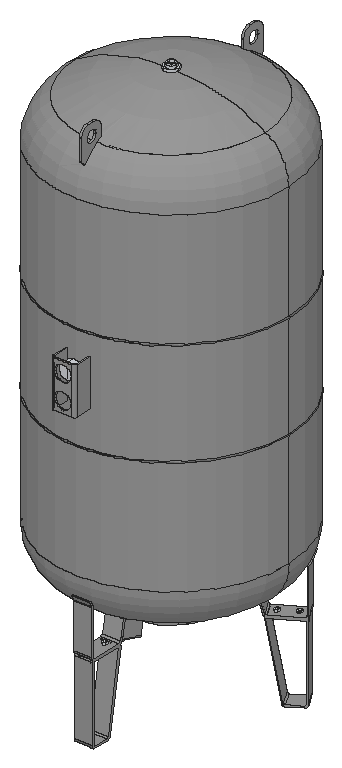
Revit family "WAV 750", category Оборудование, Revit 2014
Parameters
  Описание = "Мембранный бак для водоснабжения V=750л, Py=10бар, 1 1/2\""
  Материал = Синяя краска
  Масса кг = "130"
  Комментарии к типоразмеру = "WAV 750"
  Изготовитель = "WESTER"  # constant formula
  URL = "http://www.wester.su/"
Reference planes
  plane 1 "По центру (Вперед/Назад)": y = 0
  plane 2: z = 0
  plane 3 "По центру (Влево/Вправо)": x = 0
Forms (mm)
  Revolve 1, solid, material "Синяя краска" <- "Материал"
    sketch origin (161.5, 0, 720.958) x (0, 0, 1) y (-1, 0, 0)
      loop
        line (-429.958, 161.5) -> (1130.535, 161.5)
        arc (1130.535, 161.5) -> (1109.557, 323.049) -> (1047.304, 473.59) r 621.259
        arc (1047.304, 473.59) -> (990.263, 530.631) -> (912.343, 551.51) r 155.839
        line (912.343, 551.51) -> (530.188, 551.51)
        arc (530.188, 551.51) -> (527.688, 552.387) -> (525.188, 551.51) r 4
        line (525.188, 551.51) -> (182.452, 551.51)
        arc (182.452, 551.51) -> (179.952, 552.387) -> (177.452, 551.51) r 4
        line (177.452, 551.51) -> (-204.765, 551.51)
        arc (-204.765, 551.51) -> (-282.777, 530.591) -> (-339.873, 473.464) r 156.004
        arc (-339.873, 473.464) -> (-387.04, 371.473) -> (-415.161, 262.679) r 624.357
        line (-415.161, 262.679) -> (-429.958, 247.881) -> (-429.958, 161.5)
      axis (-429.958, 161.5) -> (1130.535, 161.5)
    angle from 0 to 360
  Revolve 2, solid, material "Синяя краска" <- "Материал"
    sketch origin (0, 0, 542.559) x (-1, 0, 0) y (0, 0, -1)
      loop
        line (0, 251.559) -> (120, 251.559) -> (120, 259.559) -> (100, 259.559) -> (100, 268.559) -> (125, 268.559) -> (125, 274.559) -> (27.498, 274.559)
        arc (27.498, 274.559) -> (26.619, 276.68) -> (24.498, 277.559) r 3
        line (24.498, 277.559) -> (24.498, 322.559) -> (19.506, 322.559) -> (19.506, 279.516) -> (0, 279.516) -> (0, 251.559)
      axis (0, 322.559) -> (0, 251.559)
    angle from 0 to 360
  Revolve 3, solid
    sketch origin (0, 0, 1200) x (1, 0, 0) y (0, 0, 1)
      loop
        line (-13.204, 667.82) -> (-13.204, 663) -> (-16, 663) -> (-16, 656.503) -> (-23.985, 656.503) -> (-23.985, 651.489) -> (0, 651.489) -> (0, 653.751) -> (-7.729, 653.751) -> (-9.298, 655.32) -> (-9.298, 669.819) -> (-11.205, 669.819) -> (-13.204, 667.82)
      axis (0, 669.819) -> (0, 651.489)
    angle from 0 to 360
  Extrusion 4, solid, material "Синяя краска" <- "Материал"
    sketch origin (0, 0, 0) x (0, 1, 0) y (0, 0, 1)
      loop
        line (-363.5, 256.711) -> (-363.5, 10)
        arc (-363.5, 10) -> (-360.571, 2.929) -> (-353.5, 0) r 10
        line (-353.5, 0) -> (-302.041, 0)
        arc (-302.041, 0) -> (-295.613, 2.34) -> (-292.193, 8.264) r 10
        line (-292.193, 8.264) -> (-248.28, 257.305)
        arc (-248.28, 257.305) -> (-250.055, 260.659) -> (-253.604, 262) r 5.366
        arc (-253.604, 262) -> (-247.516, 264.066) -> (-243.945, 269.412) r 10
        line (-243.945, 269.412) -> (-228.032, 328.8)
        arc (-228.032, 328.8) -> (-225.007, 332.569) -> (-220.184, 332.885) r 6
        line (-220.184, 332.885) -> (-211.645, 329.777) -> (-210.277, 333.536) -> (-218.816, 336.644)
        arc (-218.816, 336.644) -> (-226.854, 336.117) -> (-231.895, 329.835) r 10
        line (-231.895, 329.835) -> (-247.808, 270.447)
        arc (-247.808, 270.447) -> (-249.951, 267.24) -> (-253.604, 266) r 6
        line (-253.604, 266) -> (-355, 266)
        arc (-355, 266) -> (-359.243, 267.757) -> (-361, 272) r 6
        line (-361, 272) -> (-361, 421.321)
        arc (-361, 421.321) -> (-361.341, 423.909) -> (-362.34, 426.321) r 10
        line (-362.34, 426.321) -> (-371, 441.321) -> (-374.464, 439.321) -> (-365.804, 424.321)
        arc (-365.804, 424.321) -> (-365.204, 422.873) -> (-365, 421.321) r 6
        line (-365, 421.321) -> (-365, 272)
        arc (-365, 272) -> (-362.071, 264.929) -> (-355, 262) r 10
        line (-355, 262) -> (-359.63, 262)
        arc (-359.63, 262) -> (-362.466, 260.015) -> (-363.5, 256.711) r 5.366
      loop
        arc (-359.5, 10) -> (-357.743, 5.757) -> (-353.5, 4) r 6
        line (-353.5, 4) -> (-302.041, 4)
        arc (-302.041, 4) -> (-298.184, 5.404) -> (-296.132, 8.958) r 6
        line (-296.132, 8.958) -> (-252.62, 255.726)
        arc (-252.62, 255.726) -> (-253.286, 257.334) -> (-254.894, 258) r 2.274
        line (-254.894, 258) -> (-357.882, 258)
        arc (-357.882, 258) -> (-359.026, 257.526) -> (-359.5, 256.382) r 1.618
        line (-359.5, 256.382) -> (-359.5, 10)
    from -30 to 30
  Extrusion 5, solid, material "Синяя краска" <- "Материал"
    sketch origin (-6.607, 11.444, 0) x (-0.866025, -0.5, 0) y (0, 0, 1)
      loop
        line (-363.5, 256.711) -> (-363.5, 10)
        arc (-363.5, 10) -> (-360.571, 2.929) -> (-353.5, 0) r 10
        line (-353.5, 0) -> (-302.041, 0)
        arc (-302.041, 0) -> (-295.613, 2.34) -> (-292.193, 8.264) r 10
        line (-292.193, 8.264) -> (-248.28, 257.305)
        arc (-248.28, 257.305) -> (-250.055, 260.659) -> (-253.604, 262) r 5.366
        arc (-253.604, 262) -> (-247.516, 264.066) -> (-243.945, 269.412) r 10
        line (-243.945, 269.412) -> (-228.032, 328.8)
        arc (-228.032, 328.8) -> (-225.007, 332.569) -> (-220.184, 332.885) r 6
        line (-220.184, 332.885) -> (-211.645, 329.777) -> (-210.277, 333.536) -> (-218.816, 336.644)
        arc (-218.816, 336.644) -> (-226.854, 336.117) -> (-231.895, 329.835) r 10
        line (-231.895, 329.835) -> (-247.808, 270.447)
        arc (-247.808, 270.447) -> (-249.951, 267.24) -> (-253.604, 266) r 6
        line (-253.604, 266) -> (-355, 266)
        arc (-355, 266) -> (-359.243, 267.757) -> (-361, 272) r 6
        line (-361, 272) -> (-361, 421.321)
        arc (-361, 421.321) -> (-361.341, 423.909) -> (-362.34, 426.321) r 10
        line (-362.34, 426.321) -> (-371, 441.321) -> (-374.464, 439.321) -> (-365.804, 424.321)
        arc (-365.804, 424.321) -> (-365.204, 422.873) -> (-365, 421.321) r 6
        line (-365, 421.321) -> (-365, 272)
        arc (-365, 272) -> (-362.071, 264.929) -> (-355, 262) r 10
        line (-355, 262) -> (-359.63, 262)
        arc (-359.63, 262) -> (-362.466, 260.015) -> (-363.5, 256.711) r 5.366
      loop
        arc (-359.5, 10) -> (-357.743, 5.757) -> (-353.5, 4) r 6
        line (-353.5, 4) -> (-302.041, 4)
        arc (-302.041, 4) -> (-298.184, 5.404) -> (-296.132, 8.958) r 6
        line (-296.132, 8.958) -> (-252.62, 255.726)
        arc (-252.62, 255.726) -> (-253.286, 257.334) -> (-254.894, 258) r 2.274
        line (-254.894, 258) -> (-357.882, 258)
        arc (-357.882, 258) -> (-359.026, 257.526) -> (-359.5, 256.382) r 1.618
        line (-359.5, 256.382) -> (-359.5, 10)
    from -43.215 to 16.785
  Extrusion 6, solid, material "Синяя краска" <- "Материал"
    sketch origin (-44.612, -75.587, 0) x (0.866025, -0.5, 0) y (0, 0, 1)
      loop
        line (-363.5, 256.711) -> (-363.5, 10)
        arc (-363.5, 10) -> (-360.571, 2.929) -> (-353.5, 0) r 10
        line (-353.5, 0) -> (-302.041, 0)
        arc (-302.041, 0) -> (-295.613, 2.34) -> (-292.193, 8.264) r 10
        line (-292.193, 8.264) -> (-248.28, 257.305)
        arc (-248.28, 257.305) -> (-250.055, 260.659) -> (-253.604, 262) r 5.366
        arc (-253.604, 262) -> (-247.516, 264.066) -> (-243.945, 269.412) r 10
        line (-243.945, 269.412) -> (-228.032, 328.8)
        arc (-228.032, 328.8) -> (-225.007, 332.569) -> (-220.184, 332.885) r 6
        line (-220.184, 332.885) -> (-211.645, 329.777) -> (-210.277, 333.536) -> (-218.816, 336.644)
        arc (-218.816, 336.644) -> (-226.854, 336.117) -> (-231.895, 329.835) r 10
        line (-231.895, 329.835) -> (-247.808, 270.447)
        arc (-247.808, 270.447) -> (-249.951, 267.24) -> (-253.604, 266) r 6
        line (-253.604, 266) -> (-355, 266)
        arc (-355, 266) -> (-359.243, 267.757) -> (-361, 272) r 6
        line (-361, 272) -> (-361, 421.321)
        arc (-361, 421.321) -> (-361.341, 423.909) -> (-362.34, 426.321) r 10
        line (-362.34, 426.321) -> (-371, 441.321) -> (-374.464, 439.321) -> (-365.804, 424.321)
        arc (-365.804, 424.321) -> (-365.204, 422.873) -> (-365, 421.321) r 6
        line (-365, 421.321) -> (-365, 272)
        arc (-365, 272) -> (-362.071, 264.929) -> (-355, 262) r 10
        line (-355, 262) -> (-359.63, 262)
        arc (-359.63, 262) -> (-362.466, 260.015) -> (-363.5, 256.711) r 5.366
      loop
        arc (-359.5, 10) -> (-357.743, 5.757) -> (-353.5, 4) r 6
        line (-353.5, 4) -> (-302.041, 4)
        arc (-302.041, 4) -> (-298.184, 5.404) -> (-296.132, 8.958) r 6
        line (-296.132, 8.958) -> (-252.62, 255.726)
        arc (-252.62, 255.726) -> (-253.286, 257.334) -> (-254.894, 258) r 2.274
        line (-254.894, 258) -> (-357.882, 258)
        arc (-357.882, 258) -> (-359.026, 257.526) -> (-359.5, 256.382) r 1.618
        line (-359.5, 256.382) -> (-359.5, 10)
    from -117.766 to -57.766
  Extrusion 7, solid, material "Синяя краска" <- "Материал"
    sketch origin (0, 0, 0) x (0, 1, 0) y (0, 0, 1)
      loop
        line (295, 1805.446) -> (295, 1777.795) -> (361.865, 1722.311) -> (375, 1735.446) -> (375, 1805.446)
        arc (375, 1805.446) -> (366.213, 1826.659) -> (345, 1835.446) r 30
        line (345, 1835.446) -> (325, 1835.446)
        arc (325, 1835.446) -> (303.787, 1826.659) -> (295, 1805.446) r 30
      loop
        circle (335.055, 1795.467) r 20
      loop
        arc (-295, 1805.446) -> (-303.787, 1826.659) -> (-325, 1835.446) r 30
        line (-325, 1835.446) -> (-345, 1835.446)
        arc (-345, 1835.446) -> (-366.213, 1826.659) -> (-375, 1805.446) r 30
        line (-375, 1805.446) -> (-375, 1735.446) -> (-361.865, 1722.311) -> (-295, 1777.795) -> (-295, 1805.446)
      loop
        circle (-335.055, 1795.467) r 20
    from -4 to 4
  Revolve 8, solid
    sketch origin (0, 0, 0) x (0, 1, 0) y (0, 0, 1)
      loop
        line (-389.991, 1060) -> (-389.991, 1065.5) -> (-394, 1065.5) -> (-394, 1063.991) -> (-403.476, 1063.991) -> (-404.501, 1062.967) -> (-404.501, 1062.095) -> (-394, 1062.095) -> (-394, 1060) -> (-389.991, 1060)
      axis (-389.991, 1060) -> (-404.501, 1060)
    angle from 0 to 360
  Revolve 9, solid
    sketch origin (0, 0, 0) x (0, 1, 0) y (0, 0, 1)
      loop
        line (-389.969, 1140) -> (-389.969, 1152) -> (-393.5, 1152) -> (-393.5, 1147) -> (-403.5, 1147) -> (-403.5, 1165) -> (-431.714, 1165) -> (-431.714, 1140) -> (-389.969, 1140)
      axis (-389.969, 1140) -> (-431.714, 1140)
    angle from 0 to 360
  Extrusion 10, solid, material "Синяя краска" <- "Материал"
    sketch origin (0, 0, 0) x (1, 0, 0) y (0, 1, 0)
      loop
        line (40, -437.837) -> (40, -385.962) -> (36, -385.962) -> (36, -437.837)
        arc (36, -437.837) -> (34.243, -442.08) -> (30, -443.837) r 6
        line (30, -443.837) -> (-30, -443.837)
        arc (-30, -443.837) -> (-34.243, -442.08) -> (-36, -437.837) r 6
        line (-36, -437.837) -> (-36, -386.587) -> (-40, -386.587) -> (-40, -437.837)
        arc (-40, -437.837) -> (-37.071, -444.908) -> (-30, -447.837) r 10
        line (-30, -447.837) -> (30, -447.837)
        arc (30, -447.837) -> (37.071, -444.908) -> (40, -437.837) r 10
    from 1022.5 to 1177.5
  Extrusion 11, void
    sketch origin (0, 0, 0) x (1, 0, 0) y (0, 0, 1)
      loop
        circle (0, 1139.927) r 27.449
      loop
        circle (0, 1059.927) r 27.449
    from 443.837 to 447.837
  Extrusion 12, solid, material "Синяя краска" <- "Материал"
    sketch origin (0, 0, 0) x (0, 1, 0) y (0, 0, 1)
      loop
        line (295, 1716.921) -> (356.475, 1716.921) -> (375, 1735.446) -> (375, 1805.446)
        arc (375, 1805.446) -> (366.213, 1826.659) -> (345, 1835.446) r 30
        line (345, 1835.446) -> (325, 1835.446)
        arc (325, 1835.446) -> (303.787, 1826.659) -> (295, 1805.446) r 30
        line (295, 1805.446) -> (295, 1716.921)
      loop
        circle (335.043, 1795.254) r 20
      loop
        line (-295, 1716.921) -> (-295, 1805.446)
        arc (-295, 1805.446) -> (-303.787, 1826.659) -> (-325, 1835.446) r 30
        line (-325, 1835.446) -> (-345, 1835.446)
        arc (-345, 1835.446) -> (-366.213, 1826.659) -> (-375, 1805.446) r 30
        line (-375, 1805.446) -> (-375, 1735.446) -> (-356.475, 1716.921) -> (-295, 1716.921)
      loop
        circle (-335.043, 1795.254) r 20
    from -4 to 4
Cuts and joins
  Extrusion 11 cuts Extrusion 10
  joined: Revolve 1, Extrusion 7, Extrusion 10, Extrusion 12
Dimensions and locks
  aligned and locked: level to plane 2
Nested families
  nested 1: "Болт" at (0, -107.984, 268) x (0, 1, 0) z (0, 0, -1), type "Болт"
  nested 2: "Болт" at (-93.625, -53.943, 268) x (0, 1, 0) z (0, 0, -1), type "Болт"
  nested 3: "Болт" at (-93.547, 53.952, 268) x (0, 1, 0) z (0, 0, -1), type "Болт"
  nested 4: "Болт" at (93.579, 54.029, 268) x (0, 1, 0) z (0, 0, -1), type "Болт"
  nested 5: "Болт" at (0, 108.014, 268) x (0, 1, 0) z (0, 0, -1), type "Болт"
  nested 6: "Болт" at (93.579, -54.025, 268) x (0, 1, 0) z (0, 0, -1), type "Болт"
  nested 7: "Болт" at (-239.03, 138.044, 266) x (-0.866, -0.5, 0) z (0, 0, 1), type "Болт"
    with L 20 mm
  nested 8: "Болт" at (-290.943, 167.993, 266) x (-0.866, -0.5, 0) z (0, 0, 1), type "Болт"
    with L 20 mm
  nested 9: "Болт" at (-290.943, 167.993, 258) x (0, 1, 0) z (0, 0, -1), type "Болт"
    with L 10 mm
  nested 10: "Болт" at (-239.03, 138.044, 258) x (0.866, 0.5, 0) z (0, 0, -1), type "Болт"
    with L 10 mm
  nested 11: "Болт" at (0, -275.938, 258) x (0, 1, 0) z (0, 0, -1), type "Болт"
    with L 10 mm
  nested 12: "Болт" at (0, -335.937, 258) x (0, 1, 0) z (0, 0, -1), type "Болт"
    with L 10 mm
  nested 13: "Болт" at (239.018, 138.008, 258) x (-0.866, -0.5, 0) z (0, 0, -1), type "Болт"
    with L 10 mm
  nested 14: "Болт" at (290.98, 168.008, 258) x (-0.866, -0.5, 0) z (0, 0, -1), type "Болт"
    with L 10 mm
  nested 15: "Болт" at (290.98, 168.008, 266) x (-0.866, -0.5, 0) z (0, 0, 1), type "Болт"
    with L 20 mm
  nested 16: "Болт" at (239.018, 138.008, 266) x (-0.866, -0.5, 0) z (0, 0, 1), type "Болт"
    with L 20 mm
  nested 17: "Болт" at (0, -275.938, 266) x (0, 1, 0) z (0, 0, 1), type "Болт"
    with L 20 mm
  nested 18: "Болт" at (0, -335.938, 266) x (0, 1, 0) z (0, 0, 1), type "Болт"
    with L 20 mm
Connectors
  piping at (0, 0, 220), diameter 40
    settings: on Revolve 2, index 1, connector inside diameter 609.6 mm, connector length 0 mm, flow factor 0, pipe flow 0.0 L/s, pressure drop 0.0 Pa, fitting loss kfactor 0, connector angle 0.00°, fixture units 0, engagement length 0 mm, angle of deflection 0.00°, flow configuration 1, flow direction 0, fitting loss method 0, system type 29, joint type 0, gender type 0, connector reference index -1, connector utility 0, adjustable connector no, is connector primary yes, connector description ""
Definition of nested family "Болт"
  Parameters (values of type "Болт")
    Default Elevation = 1219.2 mm
    L [instance] = 30 mm
  Reference planes
    plane 1 "По центру (Вперед/Назад)": y = 0
    plane 2: z = 0
    plane 3 "По центру (Влево/Вправо)": x = 0
    plane 4: z = -30
  Forms (mm)
    Extrusion 1, solid
      sketch origin (0, 0, 0) x (1, 0, 0) y (0, 1, 0)
        loop
          line (-1219.2, 1219.2) -> (-1219.2, -1219.2) -> (1219.2, -1219.2) -> (1219.2, 1219.2) -> (-1219.2, 1219.2)
      from 0 to -304.8
    Extrusion 2, solid, detail levels medium+fine
      sketch origin (0, 0, 0) x (0, 1, 0) y (-1, 0, 0)
        loop
          line (-6.5, -3.753) -> (0, -7.506) -> (6.5, -3.753) -> (6.5, 3.753) -> (0, 7.506) -> (-6.5, 3.753) -> (-6.5, -3.753)
      from 0 to 5.3
    Extrusion 3, solid, detail levels medium+fine
      sketch origin (0, 0, 0) x (1, 0, 0) y (0, 1, 0)
        loop
          circle (0, 0) r 4
      from -30 to 0
    Revolve 4, void
      sketch origin (0, 0, 0) x (1, 0, 0) y (0, 0, 1)
        loop
          line (-7.506, 4.447) -> (-6.413, 5.3) -> (-7.506, 5.3) -> (-7.506, 4.447)
        axis (0, 5.3) -> (0, 4.3)
      angle from 0 to 360
    Revolve 5, void
      sketch origin (0, 0, -51.56) x (1, 0, 0) y (0, 0, 1)
        loop
          line (-4, 21.56) -> (-2.365, 21.56) -> (-4, 23.195) -> (-4, 21.56)
        axis (0, 23.195) -> (0, 21.56)
      angle from 0 to 360
  Cuts and joins
    Revolve 4 cuts Extrusion 2
    Revolve 5 cuts Extrusion 3
    joined: Extrusion 2, Extrusion 3
  Dimensions and locks
    Extrusion 1 to cut or joined group of Extrusion 2, Extrusion 3, Revolve 4, Revolve 5 = 30 mm
    "L": level to plane 4
    locked: Revolve 5 sketch curve to plane 4 at 1.635
    aligned and locked: plane 2 to Extrusion 1
    aligned and locked: level to Extrusion 1
    aligned and locked: Revolve 4 sketch curve to plane 3 "По центру (Влево/Вправо)"
    aligned and locked: cut or joined group of Extrusion 2, Extrusion 3, Revolve 4, Revolve 5 to Revolve 4 sketch curve
    aligned and locked: Extrusion 3 to plane 4
    aligned and locked: cut or joined group of Extrusion 2, Extrusion 3, Revolve 4, Revolve 5 to plane 4
  Automatic sketch dimensions
    Extrusion 1 sketch curve to Extrusion 1 sketch curve = 2438.4 mm  (x2)
    plane 1 "По центру (Вперед/Назад)" to Extrusion 2 sketch curve = 0 mm  (x2)
    plane 1 "По центру (Вперед/Назад)" to Extrusion 2 sketch curve = 6.5 mm
    Extrusion 2 sketch curve to plane 1 "По центру (Вперед/Назад)" = 6.5 mm
    plane 3 "По центру (Влево/Вправо)" to Extrusion 2 sketch curve = 7.506 mm
    plane 3 "По центру (Влево/Вправо)" to Extrusion 2 sketch curve = 3.753 mm  (x2)
    Extrusion 2 sketch curve to plane 3 "По центру (Влево/Вправо)" = 3.753 mm  (x2)
    Extrusion 2 sketch curve to plane 3 "По центру (Влево/Вправо)" = 7.506 mm
    plane 1 "По центру (Вперед/Назад)" to Extrusion 3 sketch curve = 0 mm
    Extrusion 3 sketch curve to plane 3 "По центру (Влево/Вправо)" = 0 mm
    Revolve 4 sketch curve to plane 3 "По центру (Влево/Вправо)" = 6.413 mm
    Revolve 4 sketch curve to Revolve 4 sketch curve = 1.092 mm
    Revolve 4 sketch curve to Revolve 4 sketch curve = 0.853 mm
    Revolve 4 sketch curve to plane 4 = 544.04 mm
    Revolve 4 sketch curve to Revolve 4 sketch curve = 2603.758 mm
    plane 3 "По центру (Влево/Вправо)" to Revolve 5 sketch curve = 0 mm
    Revolve 5 sketch curve to plane 3 "По центру (Влево/Вправо)" = 2.365 mm
    Revolve 5 sketch curve to Revolve 5 sketch curve = 1.635 mm  (x2)
    Revolve 5 sketch curve to plane 4 = 595.6 mm
    level to Revolve 5 sketch curve = 2557.498 mm
    radius of Extrusion 3 sketch curve = 4 mm
